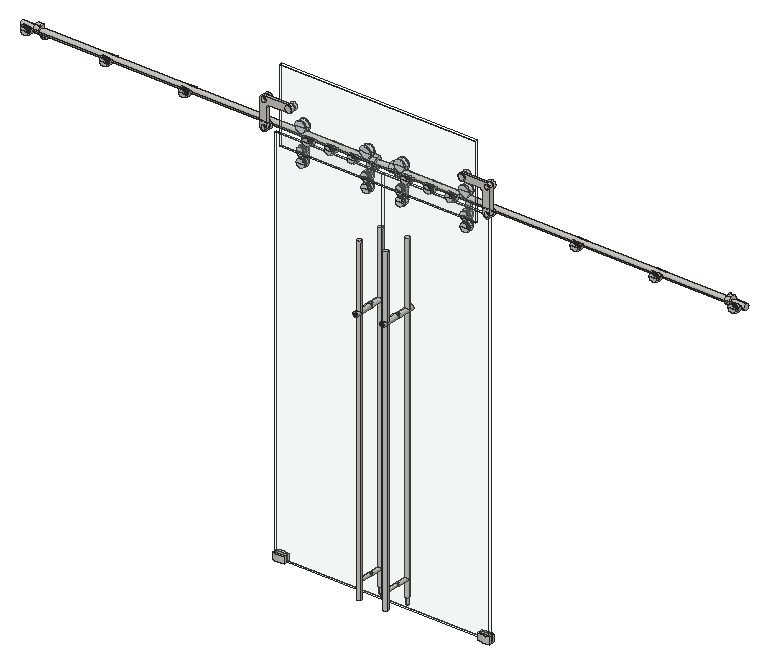
Revit family "Doors_Sliding_Avanti_Systems_Eclipse-Sliding-Pair-Glass-Barn-Doors-Dbl-Glazed", category Doors, Revit 2026 (continued)
Definition of nested family "Handle"
  Definition of nested family "Family2"
    Reference planes (in)
      plane 4: z = -2.09734
      plane 5: z = -1.59734
    Forms (in)
      Extrusion 1, solid, material <- "Material"
        sketch origin (0, 0, 0) x (0, 1, 0) y (0, 0, 1)
          loop
            line (5.04078, -0.345) -> (5.04078, 0) -> (-2.39922, 0) -> (-2.39922, -0.345) -> (5.04078, -0.345)
        from 0 to 1
      Extrusion 2, solid, material <- "Material"
        sketch origin (0, 0, 0) x (0, 1, 0) y (0, 0, 1)
          loop
            line (-0.3074, -0.345) -> (-1.4374, -0.345) -> (-1.4374, -1.31734) -> (-0.3074, -1.31734) -> (-0.3074, -0.345)
        from 0.32565 to 0.66353
      Extrusion 3, solid, material <- "Material"
        sketch origin (0, 0, 0) x (0, 1, 0) y (0, 0, 1)
          loop
            line (-1.4374, -1.31734) -> (-1.4374, -1.59734) -> (1.43807, -1.59734) -> (1.43807, -1.31734) -> (-1.4374, -1.31734)
          loop
            line (1.45803, -2.09734) -> (-1.41697, -2.09734) -> (-1.41697, -3.82961)
            arc (-1.41697, -3.82961) -> (-1.36191, -3.96254) -> (-1.22897, -4.01761) r 0.188
            line (-1.22897, -4.01761) -> (1.27003, -4.01761)
            arc (1.27003, -4.01761) -> (1.40297, -3.96254) -> (1.45803, -3.82961) r 0.188
            line (1.45803, -3.82961) -> (1.45803, -2.09734)
        from 0 to 1
      Extrusion 4, solid, material <- "Material"
        sketch origin (0, 0, 0) x (0, 1, 0) y (0, 0, 1)
          loop
            arc (-3.2641, -0.65221) -> (-3.242, -0.64306) -> (-3.23285, -0.62096) r 0.03125
            line (-3.23285, -0.62096) -> (-3.23285, 0) -> (-3.4516, 0) -> (-3.4516, -0.62096)
            arc (-3.4516, -0.62096) -> (-3.44244, -0.64306) -> (-3.42035, -0.65221) r 0.03125
            line (-3.42035, -0.65221) -> (-3.2641, -0.65221)
        from 0.32565 to 0.66353
      Extrusion 5, solid, material <- "Material", visible <- "Lock"
        sketch origin (1, 0, 0) x (0, 1, 0) y (0, 0, 1)
          loop
            circle (0.20853, -3.12734) r 0.58
          loop
            circle (0.20853, -3.12734) r 0.5625
          loop
            circle (-0.07272, -3.12734) r 0.22671
        from 0 to 0.25
      Extrusion 6, solid, material <- "Material", visible <- "Lock"
        sketch origin (1, 0, 0) x (0, 1, 0) y (0, 0, 1)
          loop
            circle (0.20853, -3.12734) r 0.5625
        from 0 to 0.20472
      Extrusion 7, solid, material <- "Material", visible <- "Lock", not visible
        sketch origin (1, 0, 0) x (0, 1, 0) y (0, 0, 1)
          loop
            circle (0.20853, -3.12734) r 0.58
          loop
            circle (0.20853, -3.12734) r 0.5625
          loop
            circle (-0.07272, -3.12734) r 0.22671
        from 0 to 0.25
      Extrusion 8, solid, material <- "Material", visible <- "Lock", not visible
        sketch origin (1, 0, 0) x (0, 1, 0) y (0, 0, 1)
          loop
            circle (0.20853, -3.12734) r 0.5625
        from 0 to 0.20472
    Lines and regions (in)
      model lines, not visible
        curve 1: line (0, -0.35397, -3.12734) -> (0, 0.39603, -3.12734)
        curve 2: line (0, -0.35397, -3.12734) -> (0, 0.39603, -3.12734)
    Dimensions and locks (in)
      "Thickness": plane 4 to plane 5
      locked: plane 5 to plane 2 at 1.59734
      aligned and locked: level to plane 2
      aligned and locked: plane 5 to Extrusion 3 sketch curve
      aligned and locked: Extrusion 3 sketch curve to Extrusion 2
      aligned and locked: Extrusion 3 sketch curve to plane 4
  Definition of nested family "Family3"
    Parameters (values of type "Family3")
      Thickness = 0.50125"
      Material = none
      Default Elevation = 0"
    Reference planes (in)
      plane 1 "Center (Front/Back)": y = 0
      plane 2: z = 0
      plane 3 "Center (Left/Right)": x = 0
      plane 4: z = 0.26102
      plane 5: z = -0.24023
    Forms (in)
      Extrusion 1, solid, material <- "Material"
        sketch origin (-0.98898, 0.625, 0.26102) x (0, 0, -1) y (0, 1, 0)
          loop
            line (-0.28125, 0.125) -> (-0.28125, -2.375) -> (0, -2.375) -> (0, 0) -> (0.50125, 0) -> (0.50125, -2.37518) -> (0.78125, -2.37518) -> (0.78125, 0.125) -> (-0.28125, 0.125)
        from 0 to 1.25
      Revolve 2, solid, material <- "Material"
        sketch origin (-0.36398, 0.615, 0.26102) x (0, 0, -1) y (0, 1, 0)
          loop
            line (-0.28125, -0.615) -> (-1.5092, -0.615) -> (-1.5092, -0.995) -> (-0.28125, -0.995) -> (-0.28125, -0.615)
          axis (-1.5092, -0.995) -> (-0.28125, -0.995)
        angle from 0 to 360
    Dimensions and locks (in)
      "Thickness": plane 4 to plane 5
      locked: Extrusion 1 to plane 4 at 0.28125
      locked: plane 5 to Extrusion 1 at 0.28
      aligned and locked: level to plane 2
      aligned and locked: Extrusion 1 to plane 4
      aligned and locked: plane 5 to Extrusion 1
  Definition of nested family "Handle Timber"
    Parameters (values of type "Handle Timber")
      Locker [instance] = yes
      Handle material = none
      Default Elevation = 48"
    Reference planes (in)
      plane 1 "Center (Front/Back)": y = 0
      plane 2: z = 0
      plane 3 "Center (Left/Right)": x = 0
    Forms (in)
      Extrusion 1, solid, material <- "Handle material"
        sketch origin (0, 0.00944, 0.00975) x (-1, 0, 0) y (0, -1, 0.00026)
          loop
            line (0.82036, -6.01526) -> (0.82036, -4.11121)
            arc (0.82036, -4.11121) -> (0, -3.29085) -> (-0.82036, -4.11121) r 0.82036
            line (-0.82036, -4.11121) -> (-0.82036, -6.01526)
            arc (-0.82036, -6.01526) -> (0, -6.83563) -> (0.82036, -6.01526) r 0.82036
          loop
            line (0.82036, -0.95129) -> (0.82036, 0.95276)
            arc (0.82036, 0.95276) -> (0, 1.77313) -> (-0.82036, 0.95276) r 0.82036
            line (-0.82036, 0.95276) -> (-0.82036, -0.95129)
            arc (-0.82036, -0.95129) -> (0, -1.77165) -> (0.82036, -0.95129) r 0.82036
        from -0.36 to -0.00798
      Sweep 2, solid, material <- "Handle material"
        path origin (0, 0.00944, 0.00975) x (-1, 0, 0) y (0, 0.00026, 1)
          loop
            line (0.00372, -0.36) -> (0.00372, -2.13165)
            arc (0.00372, -2.13165) -> (0.19244, -2.58727) -> (0.64805, -2.77599) r 0.64433
            line (0.64805, -2.77599) -> (4.19136, -2.77599)
            arc (4.19136, -2.77599) -> (4.78191, -2.53137) -> (5.02652, -1.94082) r 0.83517
            line (5.02652, -1.94082) -> (5.02652, -0.63757)
        profile origin (-0.00372, 0.00911, -1.23607) x (-1, 0, 0) y (0, 1, -0.00026)
          loop
            circle (0, 0) r 0.3937
      Extrusion 3, solid, material <- "Handle material", visible <- "Locker"
        sketch origin (0, 0.00944, 0.00975) x (-1, 0, 0) y (0, -1, 0.00026)
          loop
            line (0.82009, 4.11958) -> (0.82408, 6.02363)
            arc (0.82408, 6.02363) -> (0.00543, 6.84571) -> (-0.81665, 6.02706) r 0.82036
            line (-0.81665, 6.02706) -> (-0.82063, 4.12301)
            arc (-0.82063, 4.12301) -> (-0.00199, 3.30093) -> (0.82009, 4.11958) r 0.82036
        from -0.36 to -0.01061
    Lines and regions (in)
      reference lines
        curve 1: line (0, 6.84506, 0) -> (0, -6.83627, 0)
        curve 2: line (-5.42022, 0.00893, 0) -> (0.82036, 0.00893, 0)
    Dimensions and locks (in)
      aligned and locked: level to plane 2
  Definition of nested family "Hinged Framed Swing locker"
    Parameters (values of type "Hinged Framed Swing locker")
      Thickness = 1/2"
      Lock = yes
      Handle and assembly material [instance] = none
      Default Elevation = 0"
    Reference planes (in)
      plane 1 "Center (Front/Back)": y = 0
      plane 2: z = 0
      plane 3 "Center (Left/Right)": x = 0
      plane 4: y = 0.59375
      plane 5: y = -0.59375
      plane 6: x = -1
      plane 7: x = 1
      plane 8: y = 0.25
      plane 9: y = -0.25
      plane 10: x = 1.5
      plane 11: z = 8
      plane 12: z = 4.6875
      plane 13: z = 3.6875
      plane 14: z = 3.125
      plane 15: x = 1.38539
      plane 16: z = 2.79297
      plane 17: y = 0.25
      plane 18: y = -0.25
      plane 19: x = 0.90286
      plane 20: z = 6.0625
      plane 21: y = -0.84375
      plane 22: y = -0.80275
      plane 23 "handle_center": z = 2.4375
      plane 24: x = -4.375
      plane 25: y = -1.23355
      plane 26: z = 2.69544
      plane 27: z = 2.17956
      plane 28: y = -2.05222
      plane 29: y = -2.71875
      plane 30: z = 2.69544
      plane 31: z = 2.17956
      plane 32: z = 4.25
      plane 33: z = 3.75
      plane 34: z = 4
    Forms (in)
      Extrusion 1, solid, material <- "Handle and assembly material"
        sketch origin (0, -4, 4) x (1, 0, 0) y (0, 0, -1)
          loop
            line (-1, 0.59375) -> (-1, 0.25) -> (0.90286, 0.25) -> (0.90286, -0.25) -> (-1, -0.25) -> (-1, -0.59375) -> (1, -0.59375) -> (1, 0.59375) -> (-1, 0.59375)
        from 0 to 8
      Extrusion 2, solid, material <- "Handle and assembly material", detail levels fine
        sketch origin (0, -4, 4) x (1, 0, 0) y (0, 0, -1)
          loop
            line (1, 0.25) -> (1, -0.25)
            arc (1, -0.25) -> (1.27121, -0.02121) -> (1.5, 0.25) r 2.09856
            line (1.5, 0.25) -> (1, 0.25)
        from 3.6875 to 4.6875
      Extrusion 3, solid, material <- "Handle and assembly material", detail levels fine
        sketch origin (0, -4, 4) x (1, 0, 0) y (0, 0, -1)
          loop
            line (1, 0.25) -> (1, -0.25)
            arc (1, -0.25) -> (1.0598, -0.20427) -> (1.0921, -0.13627) r 0.16012
            arc (1.0921, -0.13627) -> (1.11202, -0.10046) -> (1.14874, -0.08227) r 0.06897
            line (1.14874, -0.08227) -> (1.30312, -0.08227)
            arc (1.30312, -0.08227) -> (1.36129, -0.05818) -> (1.38539, 0) r 0.08227
            arc (1.38539, 0) -> (1.36129, 0.05818) -> (1.30312, 0.08227) r 0.08227
            line (1.30312, 0.08227) -> (1.14874, 0.08227)
            arc (1.14874, 0.08227) -> (1.11202, 0.10046) -> (1.0921, 0.13627) r 0.06897
            arc (1.0921, 0.13627) -> (1.0598, 0.20427) -> (1, 0.25) r 0.16012
        from 2.79297 to 3.125
      Extrusion 4, solid, material <- "Handle and assembly material", visible <- "Lock", detail levels medium+fine
        sketch origin (1, -4, 4.59375) x (-1, 0, 0) y (0, -1, 0)
          loop
            circle (1, -6.0625) r 0.63654
          loop
            circle (1, -6.0625) r 0.60041
        from 0 to 0.25
      Extrusion 5, solid, material <- "Handle and assembly material", visible <- "Lock", detail levels medium+fine
        sketch origin (1, -4, 4.59375) x (-1, 0, 0) y (0, -1, 0)
          loop
            circle (1, -6.0625) r 0.60041
        from 0 to 0.209
      Blend 6, solid, material <- "Handle and assembly material", visible <- "Lock", detail levels fine
        base sketch origin (1, -4, 4.80275) x (-1, 0, 0) y (0, -1, 0)
          loop
            circle (1, -5.84645) r 0.21605
        top sketch origin (1, -4, 4.80275) x (-1, 0, 0) y (0, -1, 0)
          loop
            circle (1, -5.84645) r 0.19257
        from 0 to 0.041
      Extrusion 7, solid, material <- "Handle and assembly material"
        sketch origin (1, -4, 4.59375) x (-1, 0, 0) y (0, -1, 0)
          loop
            circle (1, -2.4375) r 0.35547
        from 0 to 1.45847
      Extrusion 8, void
        sketch origin (0.04357, -4.04543, 4) x (0, 0, -1) y (-0.017452, 0.999848, 0)
          loop
            line (-1.23355, 2.79297) -> (-1.23355, 2.90667) -> (-2.86779, 2.90667) -> (-2.86779, 2.69544) -> (-1.36779, 2.69544)
            arc (-1.36779, 2.69544) -> (-1.28242, 2.71908) -> (-1.23355, 2.79297) r 0.12635
        from -3.60215 to 0.49573
      Extrusion 9, solid, material <- "Handle and assembly material"
        sketch origin (1, -4, 4.59375) x (-1, 0, 0) y (0, -1, 0)
          loop
            arc (0.71851, -2.22043) -> (0.66353, -2.32283) -> (0.64453, -2.4375) r 0.35547
            arc (0.64453, -2.4375) -> (0.66353, -2.55217) -> (0.71851, -2.65457) r 0.35547
            line (0.71851, -2.65457) -> (5.3098, -2.57443) -> (5.375, -2.50923) -> (5.375, -2.36577) -> (5.3098, -2.30057) -> (0.71851, -2.22043)
        from 1.45847 to 2.125
      Extrusion 10, void
        sketch origin (0.04357, 0.92043, 4) x (0, 0, -1) y (0.017452, 0.999848, 0)
          loop
            arc (-1.23355, -2.79297) -> (-1.28242, -2.71908) -> (-1.36779, -2.69544) r 0.12635
            line (-1.36779, -2.69544) -> (-2.86779, -2.69544) -> (-2.86779, -2.90667) -> (-1.23355, -2.90667) -> (-1.23355, -2.79297)
        from -3.60215 to 0.49573
      Extrusion 11, solid, material <- "Handle and assembly material"
        sketch origin (1, -4, 3.40625) x (0, 1, 0) y (1, 0, 0)
          loop
            circle (2.4375, -1) r 0.35547
        from 0 to 1.45847
      Extrusion 12, void
        sketch origin (0.04357, -4.04543, 4) x (0, 0, 1) y (0.017452, -0.999848, 0)
          loop
            arc (-1.23355, -2.79297) -> (-1.28242, -2.71908) -> (-1.36779, -2.69544) r 0.12635
            line (-1.36779, -2.69544) -> (-2.86779, -2.69544) -> (-2.86779, -2.90667) -> (-1.23355, -2.90667) -> (-1.23355, -2.79297)
        from -3.60215 to 0.49573
      Extrusion 13, solid, material <- "Handle and assembly material"
        sketch origin (1, -4, 3.40625) x (0, 1, 0) y (1, 0, 0)
          loop
            line (2.22043, -0.71851) -> (2.30057, -5.3098) -> (2.36577, -5.375) -> (2.50923, -5.375) -> (2.57443, -5.3098) -> (2.65457, -0.71851)
            arc (2.65457, -0.71851) -> (2.55217, -0.66353) -> (2.4375, -0.64453) r 0.35547
            arc (2.4375, -0.64453) -> (2.32283, -0.66353) -> (2.22043, -0.71851) r 0.35547
        from 1.45847 to 2.125
      Extrusion 14, void
        sketch origin (0.04357, 0.92043, 4) x (0, 0, 1) y (-0.017452, -0.999848, 0)
          loop
            line (-1.23355, 2.79297) -> (-1.23355, 2.90667) -> (-2.86779, 2.90667) -> (-2.86779, 2.69544) -> (-1.36779, 2.69544)
            arc (-1.36779, 2.69544) -> (-1.28242, 2.71908) -> (-1.23355, 2.79297) r 0.12635
        from -3.60215 to 0.49573
    Cuts and joins
      Extrusion 8, Extrusion 10, Extrusion 12, Extrusion 14 cuts Extrusion 7
      Extrusion 10, Extrusion 12, Extrusion 14 cuts Extrusion 9
      joined: Extrusion 7, Extrusion 9
      Extrusion 12, Extrusion 14 cuts Extrusion 11
      Extrusion 12 cuts Extrusion 13
      joined: Extrusion 11, Extrusion 13
    Lines and regions (in)
      reference lines
        curve 1: line (0.35547, -1.5625, 0) -> (-4.39453, -1.5625, 0)
    Dimensions and locks (in)
      plane 4 to plane 5 = 1 3/16"
      plane 6 to plane 7 = 2"
      plane 11 to plane 2 = 8"
      plane 11 to plane 12 to plane 13 to plane 14 to plane 16 = 3 5/16" locked, 1" locked, 9/16" locked, 85/256" locked
      equal spacing: plane 17, plane 1 "Center (Front/Back)", plane 18
      "Thickness": plane 17 to plane 18
      locked: plane 19 to plane 7 at 0.09714
      locked: plane 15 to plane 10 at 0.11461
      equal spacing: plane 6, plane 3 "Center (Left/Right)", plane 7
      locked: plane 11 to plane 20 at 1.9375
      locked: plane 5 to plane 21 at 0.25
      locked: plane 22 to plane 21 at 0.041
      locked: plane 11 to plane 23 "handle_center" at 5.5625
      locked: plane 24 to plane 7 at 5.375
      locked: plane 5 to plane 29 at 2.125
      "Thickness": plane 32 to plane 33
      locked: Extrusion 1 to plane 32 at 0.34375
      locked: plane 33 to Extrusion 1 at 0.34375
      aligned and locked: level to plane 2
      aligned and locked: Extrusion 1 sketch curve to plane 6  (x2)
      aligned and locked: plane 7 to Extrusion 1 sketch curve
      aligned and locked: plane 7 to Extrusion 3 sketch curve  (x2)
      aligned and locked: plane 15 to Extrusion 3 sketch curve
      aligned and locked: plane 7 to Extrusion 2 sketch curve  (x2)
      aligned and locked: plane 10 to Extrusion 2 sketch curve
      aligned and locked: plane 19 to Extrusion 1 sketch curve
      aligned and locked: Extrusion 1 to plane 32
      aligned and locked: plane 33 to Extrusion 1
    Automatic sketch dimensions
      Extrusion 1 sketch curve to plane 12 = 3/32"
      Extrusion 1 sketch curve to Extrusion 1 sketch curve = 11/32"
      plane 13 to Extrusion 1 sketch curve = 1/16"
      Extrusion 1 sketch curve to plane 13 = 9/32"
      plane 23 "handle_center" to Extrusion 2 sketch curve = 0.09981"
      Extrusion 2 sketch curve to plane 3 "Center (Left/Right)" = 0.21269"
      plane 13 to Extrusion 2 sketch curve = 1/16"
      Extrusion 3 sketch curve to Extrusion 3 sketch curve = 0"  (x2)
      plane 19 to Extrusion 3 sketch curve = 0.0325"  (x2)
      Extrusion 3 sketch curve to plane 7 = 0.14874"  (x2)
      Extrusion 3 sketch curve to Extrusion 3 sketch curve = 0.01087"  (x2)
      Extrusion 3 sketch curve to Extrusion 3 sketch curve = 0.08227"
      Extrusion 3 sketch curve to plane 12 = 7/16"
      Extrusion 3 sketch curve to Extrusion 3 sketch curve = 0.09962"
      Extrusion 3 sketch curve to Extrusion 3 sketch curve = 0.1465"
      Extrusion 3 sketch curve to Extrusion 3 sketch curve = 0.06811"  (x2)
      Extrusion 3 sketch curve to Extrusion 3 sketch curve = 0.20701"
      plane 13 to Extrusion 3 sketch curve = 1/16"
      Extrusion 4 sketch curve to Extrusion 4 sketch curve = 0"  (x2)
      Extrusion 4 sketch curve to Extrusion 1 = 1"
      Extrusion 1 to Extrusion 4 sketch curve = 1 15/16"
      Extrusion 5 sketch curve to Extrusion 1 = 1"
      Extrusion 1 to Extrusion 5 sketch curve = 1 15/16"
      Extrusion 7 sketch curve to plane 3 "Center (Left/Right)" = 0"
      plane 25 to Extrusion 7 sketch curve = 0.32895"
      plane 20 to Extrusion 8 sketch curve = 0.80529"
      plane 12 to Extrusion 8 sketch curve = 0.68029"
      Extrusion 8 sketch curve to Extrusion 8 sketch curve = 0.0111"
      Extrusion 8 sketch curve to Extrusion 8 sketch curve = 0.12313"
      Extrusion 8 sketch curve to Extrusion 8 sketch curve = 0.09753"
      Extrusion 8 sketch curve to Extrusion 8 sketch curve = 0.1137"
      Extrusion 9 sketch curve to Extrusion 9 sketch curve = 0"  (x4)
      Extrusion 9 sketch curve to Extrusion 1 = 0.71851"
      Extrusion 9 sketch curve to Extrusion 9 sketch curve = 0.28149"
      Extrusion 1 to Extrusion 9 sketch curve = 3.3098"
      Extrusion 9 sketch curve to Extrusion 9 sketch curve = 0.0652"  (x3)
      Extrusion 1 to Extrusion 9 sketch curve = 2.65457"
      Extrusion 1 to Extrusion 9 sketch curve = 2.57443"
      Extrusion 9 sketch curve to Extrusion 9 sketch curve = 0.21707"
      Extrusion 9 sketch curve to Extrusion 9 sketch curve = 0.14346"
      plane 20 to Extrusion 10 sketch curve = 0.80529"
      plane 12 to Extrusion 10 sketch curve = 0.68029"
      Extrusion 10 sketch curve to Extrusion 10 sketch curve = 0.0111"
      Extrusion 10 sketch curve to Extrusion 10 sketch curve = 0.12313"
      Extrusion 10 sketch curve to Extrusion 10 sketch curve = 0.08537"
      Extrusion 10 sketch curve to Extrusion 10 sketch curve = 0.1137"
      Extrusion 11 sketch curve to plane 3 "Center (Left/Right)" = 0"
      plane 25 to Extrusion 11 sketch curve = 0.32895"
      plane 27 to Extrusion 12 sketch curve = 1.04735"
      Extrusion 12 sketch curve to plane 26 = 0.06323"
      Extrusion 12 sketch curve to plane 26 = 0.05213"
      Extrusion 12 sketch curve to plane 16 = 0.02652"
      Extrusion 12 sketch curve to Extrusion 12 sketch curve = 0.08537"
      Extrusion 12 sketch curve to Extrusion 12 sketch curve = 0.1137"
      Extrusion 13 sketch curve to Extrusion 13 sketch curve = 0"  (x2)
      Extrusion 13 sketch curve to plane 24 = 0"
      Extrusion 13 sketch curve to plane 3 "Center (Left/Right)" = 0"
      plane 28 to Extrusion 13 sketch curve = 0.27265"
      Extrusion 13 sketch curve to plane 24 = 0.0652"  (x2)
      plane 28 to Extrusion 13 sketch curve = 0.35279"
      Extrusion 13 sketch curve to Extrusion 13 sketch curve = 0.0652"  (x2)
      plane 25 to Extrusion 13 sketch curve = 0.32895"
      Extrusion 13 sketch curve to Extrusion 13 sketch curve = 0.14346"
      plane 25 to Extrusion 13 sketch curve = 0.11187"
      plane 3 "Center (Left/Right)" to Extrusion 13 sketch curve = 0.28149"
      plane 27 to Extrusion 14 sketch curve = 1.04735"
      Extrusion 14 sketch curve to plane 26 = 0.06323"
      Extrusion 14 sketch curve to plane 26 = 0.05213"
      Extrusion 14 sketch curve to plane 16 = 0.02652"
      Extrusion 14 sketch curve to Extrusion 14 sketch curve = 0.09753"
      Extrusion 14 sketch curve to Extrusion 14 sketch curve = 0.1137"
      plane 24 to curve 1 = 5/256"
      plane 25 to curve 1 = 0.32895"
      plane 3 "Center (Left/Right)" to curve 1 = 91/256"
      radius of Extrusion 4 sketch curve = 0.63654"
      radius of Extrusion 4 sketch curve = 0.60041"
      radius of Extrusion 5 sketch curve = 0.60041"
      radius of Blend 6 sketch curve = 0.21605"
      radius of Blend 6 sketch curve = 0.19257"
      radius of Extrusion 7 sketch curve = 91/256"
      radius of Extrusion 11 sketch curve = 91/256"
  Definition of nested family "Handle_For-Glass_Rounded_600mm"
    Parameters (values of type "Handle_For-Glass_Rounded_600mm")
      Handle Material [instance] = none
      Handle Height [instance] = 48"  # constant formula
      Default Elevation = 48"
    Reference planes (in)
      plane 1 "Center (Front/Back)": y = 0
      plane 2: z = 26.93599
      plane 3 "Center (Left/Right)": x = 0
      plane 4: z = 0
      plane 5: z = -2.66749
      plane 6: y = -28.44876
      plane 7: y = 14.63423
      plane 8: y = -33.36577
    Forms (in)
      Sweep 1, solid, material <- "Handle Material"
        path origin (0, -17.24158, 0) x (0, 0, 1) y (0, -1, 0)
          loop
            line (-2.10925, 11.20718) -> (0, 11.20718)
        profile origin (0, -28.44876, 0) x (0, -1, 0) y (1, 0, 0)
          loop
            circle (0, 0) r 0.3125
      Sweep 2, solid, material <- "Handle Material"
        path origin (0, 10.76459, 0) x (0, 0, 1) y (0, -1, 0)
          loop
            line (-2.30394, 1.07019) -> (0, 1.07019)
        profile origin (0, 9.69441, 0) x (0, -1, 0) y (1, 0, 0)
          loop
            circle (0, 0) r 0.3125
      Extrusion 3, solid, material <- "Handle Material"
        sketch origin (0, -17.24158, 0) x (1, 0, 0) y (0, 0, -1)
          loop
            circle (0, 2.27257) r 0.39445
        from -16.12419 to 31.87581
    Dimensions and locks (in)
      locked: plane 8 to plane 6 at 4.91701
      "Handle Height": plane 7 to plane 8
      aligned and locked: plane 7 to Extrusion 3
      aligned and locked: Extrusion 3 to plane 8
  Definition of nested family "Handle_For-Glass_Rounded_60in"
    Parameters (values of type "60"")
      No locker [instance] = yes
      Locker [instance] = yes
      Handle Material [instance] = none
      Handle Height [instance] = 60"  # constant formula
      Default Elevation = 0"
    Reference planes (in)
      plane 1 "Center (Front/Back)": y = 0
      plane 2: z = 19.87581
      plane 3 "Center (Left/Right)": x = 0
      plane 4: z = 2.66749
      plane 5: y = -36.97039
      plane 6: z = 0
      plane 7: y = 20.02961
      plane 8: y = -39.97039
    Forms (in)
      Sweep 1, solid, material <- "Handle Material"
        path origin (0, -11.8462, 0) x (0, 0, -1) y (0, 1, 0)
          loop
            line (-2.10925, -25.12419) -> (0, -25.12419)
        profile origin (0, -36.97039, 0) x (1, 0, 0) y (0, 1, 0)
          loop
            circle (0, 0) r 0.3125
      Sweep 2, solid, material <- "Handle Material"
        path origin (0, 16.15997, 0) x (0, 0, -1) y (0, 1, 0)
          loop
            line (-3.10757, -8.13036) -> (0, -8.13036)
        profile origin (0, 8.02961, 0) x (1, 0, 0) y (0, 1, 0)
          loop
            circle (0, 0) r 0.4375
      Extrusion 3, solid, material <- "Handle Material"
        sketch origin (0, -11.8462, 0) x (1, 0, 0) y (0, 0, -1)
          loop
            circle (0, -2.27257) r 0.39445
        from -28.12419 to 31.87581
      Revolve 4, solid, material <- "Handle Material"
        sketch origin (0, -11.8462, 0) x (0, 0, -1) y (0, 1, 0)
          loop
            line (-3.10757, 20.0489) -> (-3.19084, 20.0489) -> (-3.19084, 19.87581) -> (-3.10757, 19.87581) -> (-3.10757, 20.0489)
          axis (-3.10757, 19.87581) -> (-3.19084, 19.87581)
        angle from 0 to 360
      Extrusion 5, solid, material <- "Handle Material", visible <- "Locker"
        sketch origin (0, -11.8462, 0) x (0, 0, -1) y (0, 1, 0)
          loop
            line (-3.19084, 19.98905) -> (-3.34908, 19.98905)
            arc (-3.34908, 19.98905) -> (-3.37904, 19.97664) -> (-3.39145, 19.94668) r 0.04237
            line (-3.39145, 19.94668) -> (-3.39145, 19.80495)
            arc (-3.39145, 19.80495) -> (-3.37904, 19.77499) -> (-3.34908, 19.76258) r 0.04237
            line (-3.34908, 19.76258) -> (-3.19084, 19.76258) -> (-3.19084, 19.98905)
        from -0.03592 to 0.03621
      Revolve 6, solid, material <- "Handle Material", visible <- "No locker"
        sketch origin (0, -11.62359, 0) x (0, 0, -1) y (0, 1, 0)
          loop
            line (-3.10757, 20.0489) -> (-3.20833, 20.0489) -> (-3.20833, 19.87581) -> (-3.10757, 19.87581) -> (-3.10757, 20.0489)
          axis (-3.10757, 19.87581) -> (-3.20833, 19.87581)
        angle from 0 to 360
      Revolve 7, solid, material <- "Handle Material", visible <- "Locker"
        sketch origin (0, -11.8462, 0) x (0, 0, -1) y (0, 1, 0)
          loop
            line (-2.27257, -28.12419) -> (-2.50833, -28.12419) -> (-2.50833, -29.32199) -> (-2.41048, -29.49919) -> (-2.27257, -29.49919) -> (-2.27257, -28.12419)
          axis (-2.27257, -28.12419) -> (-2.27257, -29.49919)
        angle from 0 to 360
    Lines and regions (in)
      reference lines
        curve 1: line (0, -40.47039, 2.66749) -> (0, -40.47039, 0)
    Dimensions and locks (in)
      locked: plane 8 to plane 5 at 3
      "Handle Height": plane 7 to plane 8
      aligned and locked: Extrusion 3 to plane 7
      aligned and locked: Extrusion 3 to plane 8
      aligned and locked: Sweep 1 sketch curve to plane 5
  Definition of nested family "Handle_For-Glass_Rounded_60in2"
    Parameters (values of type "60"")
      No locker [instance] = yes
      Locker [instance] = yes
      Handle Material [instance] = none
      Handle Height [instance] = 60"  # constant formula
      Default Elevation = 0"
    Reference planes (in)
      plane 1 "Center (Front/Back)": y = 0
      plane 2: z = 19.87581
      plane 3 "Center (Left/Right)": x = 0
      plane 4: y = -36.97039
      plane 5: z = 0
      plane 6: y = 20.02961
      plane 7: y = -39.97039
      plane 8: z = -2.66749
    Forms (in)
      Sweep 1, solid, material <- "Handle Material"
        path origin (0, -11.8462, 0) x (0, 0, 1) y (0, 1, 0)
          loop
            line (-2.10925, -25.12419) -> (0, -25.12419)
        profile origin (0, -36.97039, 0) x (0, -1, 0) y (1, 0, 0)
          loop
            circle (0, 0) r 0.3125
      Sweep 2, solid, material <- "Handle Material"
        path origin (0, 16.15997, 0) x (0, 0, 1) y (0, 1, 0)
          loop
            line (-3.10757, -8.13036) -> (0, -8.13036)
        profile origin (0, 8.02961, 0) x (0, -1, 0) y (1, 0, 0)
          loop
            circle (0, 0) r 0.4375
      Extrusion 3, solid, material <- "Handle Material"
        sketch origin (0, -11.8462, 0) x (1, 0, 0) y (0, 0, -1)
          loop
            circle (0, 2.27257) r 0.39445
        from -28.12419 to 31.87581
      Revolve 4, solid, material <- "Handle Material"
        sketch origin (0, -11.8462, 0) x (0, 0, 1) y (0, 1, 0)
          loop
            line (-3.10757, 20.0489) -> (-3.19084, 20.0489) -> (-3.19084, 19.87581) -> (-3.10757, 19.87581) -> (-3.10757, 20.0489)
          axis (-3.10757, 19.87581) -> (-3.19084, 19.87581)
        angle from 0 to 360
      Extrusion 5, solid, material <- "Handle Material", visible <- "Locker"
        sketch origin (0, -11.8462, 0) x (0, 0, 1) y (0, -1, 0)
          loop
            line (-3.19084, -19.98905) -> (-3.19084, -19.76258) -> (-3.34908, -19.76258)
            arc (-3.34908, -19.76258) -> (-3.37904, -19.77499) -> (-3.39145, -19.80495) r 0.04237
            line (-3.39145, -19.80495) -> (-3.39145, -19.94668)
            arc (-3.39145, -19.94668) -> (-3.37904, -19.97664) -> (-3.34908, -19.98905) r 0.04237
            line (-3.34908, -19.98905) -> (-3.19084, -19.98905)
        from -0.03592 to 0.03621
      Revolve 6, solid, material <- "Handle Material", visible <- "No locker"
        sketch origin (0, -11.62359, 0) x (0, 0, 1) y (0, 1, 0)
          loop
            line (-3.10757, 20.0489) -> (-3.20833, 20.0489) -> (-3.20833, 19.87581) -> (-3.10757, 19.87581) -> (-3.10757, 20.0489)
          axis (-3.10757, 19.87581) -> (-3.20833, 19.87581)
        angle from 0 to 360
      Revolve 7, solid, material <- "Handle Material", visible <- "Locker"
        sketch origin (0, -11.8462, 0) x (0, 0, 1) y (0, 1, 0)
          loop
            line (-2.27257, -28.12419) -> (-2.50833, -28.12419) -> (-2.50833, -29.32199) -> (-2.41048, -29.49919) -> (-2.27257, -29.49919) -> (-2.27257, -28.12419)
          axis (-2.27257, -28.12419) -> (-2.27257, -29.49919)
        angle from 0 to 360
    Lines and regions (in)
      reference lines
        curve 1: line (0, -40.47039, -2.66749) -> (0, -40.47039, 0)
    Dimensions and locks (in)
      locked: plane 7 to plane 4 at 3
      "Handle Height": plane 6 to plane 7
Definition of nested family "Arrow"
  Reference planes (in)
    plane 1 "Center (Front/Back)": y = 0
    plane 2: z = 0
    plane 3 "Center (Left/Right)": x = 0
  Lines and regions (in)
    detail lines, in view "Ref. Level"
      curve 1: line (-2.57725, 1.35976, 0) -> (-3.93701, 0, 0)
      curve 2: line (-3.93701, 0, 0) -> (3.93701, 0, 0)
      curve 3: line (-2.57725, -1.35976, 0) -> (-3.93701, 0, 0)
